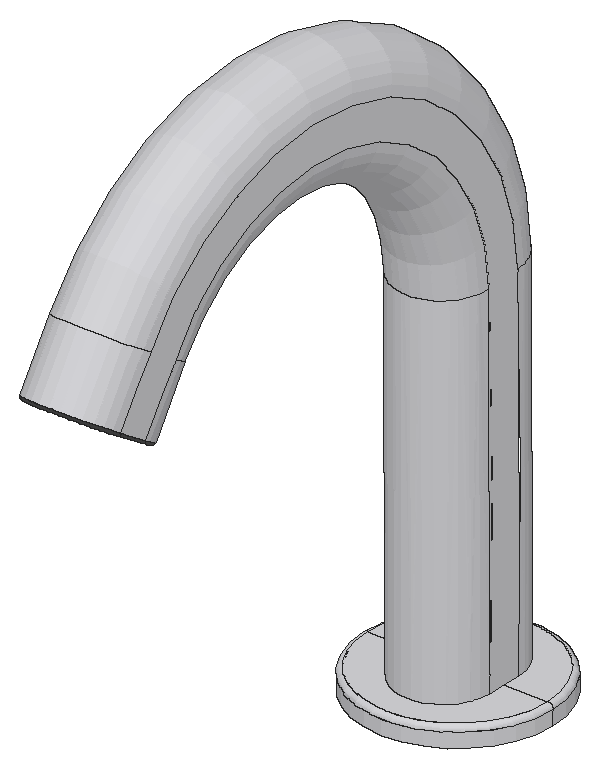
Revit family "Faucet_Touchless-Lavatory-KOHLER-Oblo-K-24270T_1", category Plumbing Fixtures, host Face, Revit 2021
Family settings
  Host = Face
  Round Connector Dimension = Use Diameter
  Part Type = Normal
  OmniClass Number = 23.31.11.00
  OmniClass Title = Faucets
  Cut with Voids When Loaded = No
  Shared = No
  Room Calculation Point = No
Parameters (values of type "0.5 GPM, CP-Polished Chrome")
  Width = 2 73/256"  # constant formula
  WaterSense Certified = 1 = 0  # no
  Waste Water Outlet = "Waste Water Outlet"  # constant formula
  Waste Connection = 1 = 0  # no
  Voltage = 220 V  # constant formula
  Vent Connection = 1 = 0  # no
  URL = "http://www.kohler.com.cn/"
  Type = 1
  Spout Reach = 5 35/64"  # constant formula
  Product Page URL = ""
  Product Name = "Oblo"  # constant formula
  Product Documentation Link = ""
  Pressure = 0.00 psi
  Model = if(Type = 1, "K-24270T-NW-CP", if(Type = 2, "K-24270T-NWS3-CP", if(Type = 3, "K-24270T-NWS5-CP", "NA")))  # "K-24270T-NW-CP"
  Material = "Premium Metal Construction"  # constant formula
  Master Format 2014 Name = "Residential Faucets, Supplies, and Trim"  # constant formula
  Master Format 2014 = "22 41 39"  # constant formula
  Manufacturer Address = "Kohler Beijing Office (100016)36-2-03-B, No. 88, Liuxiang Road, Beijing"  # constant formula
  Manufacturer = "Kohler Co."  # constant formula
  Length = Spout Reach  # 5 35/64"
  Hot Water Inlet = "Hot Water Inlet"  # constant formula
  Height = 8 23/256"  # constant formula
  HW Connection = 1 = 0  # no
  Flow Rate = if(or(Type = 1), 0.5 GPM, if(or(Type = 2), 0.35 GPM, 0.26 GPM))  # 0.5 GPM
  Finish = Kohler-Metal-CP-Polished_Chrome
  Environmental Product Declaration = ""
  Electrical Note = "One Dedicated Circuit Required"  # constant formula
  Electrical Connector = 1 = 1  # yes
  Drain Included = 1 = 1  # yes
  Description = if(or(Type = 1), "Deck Mount Sensor Faucet Cold 0.5 GPM SP", if(or(Type = 2), "Deck Mount Sensor Faucet Cold 0.35 GPM SP", if(or(Type = 3), "Deck Mount Sensor Faucet Cold 0.26 GPM SP", "NA")))  # "Deck Mount Sensor Faucet Cold 0.5 GPM SP"
  Default Elevation = 36"
  Declare Label = ""
  Date Modified = "12/08/2022"  # constant formula
  Date Created = "12/08/2022"  # constant formula
  Copyright = "Copyright Kohler Co."  # constant formula
  Contact Us = "http://www.kohler.com.cn/contact/contact-us/"
  Cold Water Inlet = "Cold Water Inlet"  # constant formula
  CW Connection = 1 = 1  # yes
  Assembly Code = "D2010"
  Apparent Load = 0 VA
  ADA Compliant = 1 = 0  # no
Types (4): name | Type | Model | Flow Rate | Description
  (no name) | 1 | "K-24270T-NW-CP" | 0.5 GPM | "Deck Mount Sensor Faucet Cold 0.5 GPM SP"
  0.5 GPM, CP-Polished Chrome | 1 | "K-24270T-NW-CP" | 0.5 GPM | "Deck Mount Sensor Faucet Cold 0.5 GPM SP"
  0.35 GPM, CP-Polished Chrome | 2 | "K-24270T-NWS3-CP" | 0.35 GPM | "Deck Mount Sensor Faucet Cold 0.35 GPM SP"
  0.26 GPM, CP-Polished Chrome | 3 | "K-24270T-NWS5-CP" | 0.26 GPM | "Deck Mount Sensor Faucet Cold 0.26 GPM SP"
Reference planes
  plane 1 "Center (Front/Back)": y = 0
  plane 2: z = 0
  plane 3 "Center (Left/Right)": x = 0
  plane 4: x = 29
  plane 5: x = -29.043
  plane 6: y = -156.78
  plane 7: y = 29
  plane 8: z = 205.482
  plane 9: z = 134.418
  plane 10: z = 6
  plane 11: through (0, -160.282, 147.042) normal (0, -0.5446, -0.8387)
  plane 12: y = -140.891
  plane 13: y = -29
  plane 14: x = -14
  plane 15: x = 14
  plane 16: y = 19.75
  plane 17: y = -19.75
  plane 18: y = 14.129
Dimensions and locks
  "Width": plane 4 to plane 5
  "Height": plane 8 to level
  plane 10 to level = 0.23622"
  "Length": plane 1 "Center (Front/Back)" to plane 12
  plane 9 to level = 5.29204"
  plane 6 to plane 1 "Center (Front/Back)" = 6.17244"
  plane 14 to plane 15 = 1.10236"
  plane 13 to plane 7 = 2.28346"
  plane 16 to plane 17 = 1.55512"
  aligned and locked: plane 2 to host face
  aligned and locked: level to host face
  aligned and locked: plane 3 "Center (Left/Right)" to nested 1
  aligned and locked: plane 1 "Center (Front/Back)" to nested 1
Automatic sketch dimensions
  host sketch curve to host sketch curve = 96"  (x2)
Nested families
  nested 1: "K-24270T" at (0, 0, 0), type "K-24270T"
Connectors
  piping at (0, 0, 0), diameter 12.7, driven by "Flow Rate", driven by "Pressure", driven by "CW Connection", driven by "Cold Water Inlet"
    settings: on nested 1, index 1, connector inside diameter 24", connector length 0", flow factor 0, pipe flow 0.5 GPM, pressure drop 0.00 psi, fitting loss kfactor 0, connector angle 0.00°, fixture units 0, engagement length 0", angle of deflection 0.00°, flow configuration 1, flow direction 1, fitting loss method 0, system type 20, joint type 0, gender type 0, connector reference index -1, connector utility 1, adjustable connector no, is connector primary yes, connector description "Cold Water Inlet"
  electrical at (0, 14.129, 0), driven by "Voltage", driven by "Electrical Connector", driven by "Electrical Note"
    settings: on nested 1, index 2, voltage 220 V, apparent load 0 VA, apparent load phase1 0 VA, apparent load phase2 0 VA, apparent load phase3 0 VA, power factor 1, load classification "Power", number of poles 1, system type 30, power factor state 1, is connector primary yes, connector utility yes, sub classification motor no, connector description "One Dedicated Circuit Required"
Definition of nested family "K-24270T"
  Parameters
    Material = none
    Default Elevation = 0"
  Reference planes
    plane 1 "Center (Front/Back)": y = 0
    plane 2: z = 0
    plane 3 "Center (Left/Right)": x = 0
    plane 4: y = -29
    plane 5: y = 29
    plane 6: x = 29
    plane 7: x = -29
    plane 8: y = -140.9
    plane 9: z = 6
    plane 10: y = -156.78
    plane 11: z = 205.47
    plane 12: through (0, -140.9, 135.47) normal (0, -0.8387, 0.5446)
    plane 13: through (0, -140.9, 134.455) normal (0, 0.5446, 0.8387)
    plane 14 "A": through (0, -140.9, 134.473) normal (0, 0.5446, 0.8387)
    plane 15: through (0, -138.161, 138.505) normal (0, -0.8387, 0.5446)
    plane 16: z = 134.418
    plane 17: y = -19.75
    plane 18: y = 19.75
    plane 19: x = 14
    plane 20: x = -14
    plane 21: through (0, -140.9, 135.47) normal (0, -0.8387, 0.5446)
    plane 22: through (0, -140.9, 134.455) normal (0, 0.5446, 0.8387)
    plane 23: z = 115.946
    plane 24: y = 14.129
  Forms (mm)
    Revolve 1, solid, material <- "Material", detail levels medium+fine
      sketch origin (0, 0, 0) x (1, 0, 0) y (0, 0, 1)
        loop
          arc (29, 4.4) -> (28.531, 5.531) -> (27.4, 6) r 1.6
          line (27.4, 6) -> (0, 6) -> (0, 0) -> (29, 0) -> (29, 4.4)
        axis (0, 0) -> (0, 6)
      angle from 0 to 360
    Sweep 2, solid, material <- "Material", detail levels medium+fine
      path origin (0, 0, 0) x (0, 1, 0) y (0, 0, 1)
        loop
          line (-140.9, 135.47) -> (-129.675, 152.755)
          arc (-129.675, 152.755) -> (-51.685, 182.309) -> (-0.038, 116.823) r 70.53
          arc (-0.038, 116.823) -> (0.998, 60.054) -> (0.11, 3.282) r 1675.956
      profile origin (0, -51.685, 182.309) x (0, 0.267106, 0.963667) y (1, 0, 0)
        loop
          arc (-5.632, 13.972) -> (-19.604, 0) -> (-5.632, -13.972) r 13.972
          line (-5.632, -13.972) -> (5.632, -13.972)
          arc (5.632, -13.972) -> (19.604, 0) -> (5.632, 13.972) r 13.972
          line (5.632, 13.972) -> (-5.632, 13.972)
    Sweep 3, solid, detail levels medium+fine
      path origin (0, 19.628, 30.224) x (0, 0.838671, -0.544639) y (-1, 0, 0)
        loop
          line (-197.583, -13.972) -> (-186.319, -13.972)
          arc (-186.319, -13.972) -> (-172.347, 0) -> (-186.319, 13.972) r 13.972
          line (-186.319, 13.972) -> (-197.583, 13.972)
          arc (-197.583, 13.972) -> (-211.555, 0) -> (-197.583, -13.972) r 13.972
      profile origin (0, -157.797, 145.446) x (0, -0.838671, 0.544639) y (0, 0.544639, 0.838671)
        loop
          line (-1.06, 0.837) -> (-0.897, 0)
          arc (-0.897, 0) -> (-0.283, 0.242) -> (0.001, 0.837) r 0.9
          line (0.001, 0.837) -> (-1.06, 0.837)
    Extrusion 4, solid, detail levels medium+fine
      sketch origin (0, 19.628, 30.224) x (0, 0.838671, -0.544639) y (-1, 0, 0)
        loop
          arc (-189.617, 1.108) -> (-189.703, 0.091) -> (-189.637, -0.927) r 6.883
          line (-189.637, -0.927) -> (-188.407, -0.927)
          arc (-188.407, -0.927) -> (-188.512, 0.091) -> (-188.407, 1.108) r 4.965
          line (-188.407, 1.108) -> (-189.617, 1.108)
        loop
          arc (-187.158, -5.32) -> (-186.32, -5.903) -> (-185.405, -6.355) r 6.883
          line (-185.405, -6.355) -> (-184.79, -5.289)
          arc (-184.79, -5.289) -> (-185.724, -4.872) -> (-186.553, -4.271) r 4.965
          line (-186.553, -4.271) -> (-187.158, -5.32)
        loop
          arc (-180.361, -6.404) -> (-179.438, -5.97) -> (-178.588, -5.404) r 6.883
          line (-178.588, -5.404) -> (-179.204, -4.338)
          arc (-179.204, -4.338) -> (-180.032, -4.938) -> (-180.966, -5.356) r 4.965
          line (-180.966, -5.356) -> (-180.361, -6.404)
        loop
          arc (-176.024, -1.06) -> (-175.938, -0.043) -> (-176.004, 0.975) r 6.883
          line (-176.004, 0.975) -> (-177.234, 0.975)
          arc (-177.234, 0.975) -> (-177.129, -0.042) -> (-177.234, -1.06) r 4.965
          line (-177.234, -1.06) -> (-176.024, -1.06)
        loop
          arc (-178.483, 5.368) -> (-179.321, 5.951) -> (-180.236, 6.403) r 6.883
          line (-180.236, 6.403) -> (-180.851, 5.338)
          arc (-180.851, 5.338) -> (-179.917, 4.92) -> (-179.088, 4.32) r 4.965
          line (-179.088, 4.32) -> (-178.483, 5.368)
        loop
          arc (-185.228, 6.472) -> (-186.155, 6.046) -> (-187.009, 5.486) r 6.883
          line (-187.009, 5.486) -> (-186.386, 4.407)
          arc (-186.386, 4.407) -> (-185.557, 5.008) -> (-184.623, 5.425) r 4.965
          line (-184.623, 5.425) -> (-185.228, 6.472)
      from 0 to 0.837
    Extrusion 5, solid, detail levels medium+fine
      sketch origin (0, 19.628, 30.224) x (0, 0.838671, -0.544639) y (-1, 0, 0)
        loop
          circle (-182.821, 0.024) r 5.692
      from 0 to 0.837
    Extrusion 6, solid, detail levels medium+fine
      sketch origin (0, 19.628, 30.224) x (0, 0.838671, -0.544639) y (-1, 0, 0)
        loop
          arc (-192.409, 9.009) -> (-192.862, 9.751) -> (-193.681, 10.042) r 1.299
          line (-193.681, 10.042) -> (-197.164, 10.042)
          arc (-197.164, 10.042) -> (-207.164, 0.042) -> (-197.164, -9.958) r 10
          line (-197.164, -9.958) -> (-193.572, -9.958)
          arc (-193.572, -9.958) -> (-192.746, -9.661) -> (-192.296, -8.907) r 1.3
          arc (-192.296, -8.907) -> (-191.456, 0.056) -> (-192.409, 9.009) r 45.204
      from 0 to 0.837
    Extrusion 7, solid, material <- "Material", detail levels medium+fine
      sketch origin (0, 0, 0) x (1, 0, 0) y (0, 1, 0)
        loop
          circle (0, 0) r 6.35
      from 0 to 1.448
    Extrusion 8, solid, material <- "Material", detail levels coarse
      sketch origin (0, 0, 0) x (1, 0, 0) y (0, 1, 0)
        loop
          circle (0, 0) r 29
      from 0 to 6
    Extrusion 9, void
      sketch origin (0, -90.174, -48.561) x (1, 0, 0) y (0, 0.838671, -0.544639)
        loop
          circle (-0.024, -133.698) r 3.5
      from 123.604 to 126.291
    Extrusion 10, solid, detail levels medium+fine
      sketch origin (0, 19.628, 30.224) x (0, 0.838671, -0.544639) y (-1, 0, 0)
        loop
          arc (-197.164, 10.042) -> (-207.164, 0.042) -> (-197.164, -9.958) r 10
          line (-197.164, -9.958) -> (-193.572, -9.958)
          arc (-193.572, -9.958) -> (-192.746, -9.661) -> (-192.296, -8.907) r 1.3
          arc (-192.296, -8.907) -> (-191.456, 0.056) -> (-192.409, 9.009) r 45.204
          arc (-192.409, 9.009) -> (-192.862, 9.751) -> (-193.681, 10.042) r 1.299
          line (-193.681, 10.042) -> (-197.164, 10.042)
        loop
          arc (-197.583, 13.075) -> (-210.658, 0) -> (-197.583, -13.075) r 13.075
          line (-197.583, -13.075) -> (-186.319, -13.075)
          arc (-186.319, -13.075) -> (-173.244, 0) -> (-186.319, 13.075) r 13.075
          line (-186.319, 13.075) -> (-197.583, 13.075)
        loop
          circle (-182.821, 0.024) r 5.692
      from 0.363 to 0.837
    Extrusion 11, solid, material <- "Material", detail levels medium+fine
      sketch origin (0, 0, 0) x (1, 0, 0) y (0, 1, 0)
        loop
          circle (0, 14.129) r 2
      from 0 to 1.448
    Sweep 12, solid, material <- "Material", detail levels coarse
      path origin (0, 0, 0) x (0, 1, 0) y (0, 0, 1)
        loop
          line (-141.356, 134.768) -> (-129.675, 152.755)
          arc (-129.675, 152.755) -> (-51.685, 182.309) -> (-0.038, 116.823) r 70.53
          arc (-0.038, 116.823) -> (0.998, 60.054) -> (0.11, 3.282) r 1675.956
      profile origin (0, -51.685, 182.309) x (0, 0.267106, 0.963667) y (1, 0, 0)
        loop
          arc (-5.632, 13.972) -> (-19.604, 0) -> (-5.632, -13.972) r 13.972
          line (-5.632, -13.972) -> (5.632, -13.972)
          arc (5.632, -13.972) -> (19.604, 0) -> (5.632, 13.972) r 13.972
          line (5.632, 13.972) -> (-5.632, 13.972)
  Cuts and joins
    Extrusion 9 cuts Revolve 1
    Extrusion 9 cuts Sweep 2
    joined: Revolve 1, Sweep 2
    Extrusion 9 cuts Extrusion 5
    joined: Sweep 3, Extrusion 10
    Extrusion 9 cuts Extrusion 4
    joined: Extrusion 8, Sweep 12
  Lines and regions (mm)
    Masking region 1
      outline origin (0, 0, 0) x (1, 0, 0) y (0, 1, 0)
        loop
          arc (13.973, -25.412) -> (0, 29) -> (-13.973, -25.412) r 29
          line (-13.973, -25.412) -> (-13.973, -145.624)
          spline (-13.973, -145.624) -> (-13.497, -148.511) -> (-12.101, -151.202) -> (-9.88, -153.512) -> (-6.986, -155.285) -> (-3.616, -156.4) -> (0, -156.78) -> (3.616, -156.4) -> (6.986, -155.285) -> (9.88, -153.512) -> (12.101, -151.202) -> (13.497, -148.511) -> (13.973, -145.624)
          line (13.973, -145.624) -> (13.973, -25.412)
    Masking region 2
      outline origin (0, 0, 0) x (1, 0, 0) y (0, 0, 1)
        loop
          arc (29, 4.423) -> (28.538, 5.538) -> (27.423, 6) r 1.577
          line (27.423, 6) -> (14, 6) -> (14, 191.384)
          arc (14, 191.384) -> (0, 205.384) -> (-14, 191.384) r 14
          line (-14, 191.384) -> (-14, 6) -> (-27.663, 6)
          arc (-27.663, 6) -> (-28.608, 5.608) -> (-29, 4.663) r 1.337
          line (-29, 4.663) -> (-29, 0) -> (29, 0) -> (29, 4.423)
    Masking region 3
      outline origin (0, 0, 0) x (0, 1, 0) y (0, 0, 1)
        loop
          line (29, 0) -> (29, 4.427)
          arc (29, 4.427) -> (28.539, 5.539) -> (27.427, 6) r 1.573
          line (27.427, 6) -> (19.75, 6) -> (19.75, 115.874)
          arc (19.75, 115.874) -> (-44.344, 201.707) -> (-144.846, 164.63) r 89.519
          line (-144.846, 164.63) -> (-156.511, 146.668)
          arc (-156.511, 146.668) -> (-156.752, 145.369) -> (-156.004, 144.281) r 1.725
          line (-156.004, 144.281) -> (-125.071, 124.193)
          arc (-125.071, 124.193) -> (-124.398, 124.068) -> (-123.834, 124.456) r 0.894
          line (-123.834, 124.456) -> (-111.684, 143.166)
          arc (-111.684, 143.166) -> (-55.549, 163.875) -> (-19.75, 115.934) r 50
          line (-19.75, 115.934) -> (-19.75, 6) -> (-27.634, 6)
          arc (-27.634, 6) -> (-28.6, 5.6) -> (-29, 4.634) r 1.366
          line (-29, 4.634) -> (-29, 0) -> (29, 0)
    symbolic lines, detail levels medium+fine
      curve 1: spline (-13.973, 0, 132.402) -> (-13.497, 0, 130.433) -> (-12.101, 0, 128.597) -> (-9.88, 0, 127.021) -> (-6.986, 0, 125.812) -> (-3.616, 0, 125.052) -> (0, 0, 124.792) -> (3.616, 0, 125.052) -> (6.986, 0, 125.812) -> (9.88, 0, 127.021) -> (12.101, 0, 128.597) -> (13.497, 0, 130.433) -> (13.973, 0, 132.402)
      curve 2: spline (13.973, 0, 138.538) -> (13.497, 0, 140.507) -> (12.101, 0, 142.343) -> (9.88, 0, 143.919) -> (6.986, 0, 145.128) -> (3.616, 0, 145.888) -> (0, 0, 146.148) -> (-3.616, 0, 145.888) -> (-6.986, 0, 145.128) -> (-9.88, 0, 143.919) -> (-12.101, 0, 142.343) -> (-13.497, 0, 140.507) -> (-13.973, 0, 138.538)
      curve 3: spline (-10.042, 0, 138.309) -> (-9.701, 0, 139.719) -> (-8.702, 0, 141.032) -> (-7.113, 0, 142.16) -> (-5.042, 0, 143.026) -> (-2.63, 0, 143.57) -> (-0.042, 0, 143.755) -> (2.546, 0, 143.57) -> (4.958, 0, 143.026) -> (7.029, 0, 142.16) -> (8.618, 0, 141.032) -> (9.617, 0, 139.719) -> (9.958, 0, 138.309)
      curve 4: line (-10.042, 0, 138.309) -> (-10.042, 0, 135.71)
      curve 5: spline (-9.009, 0, 135.018) -> (-7.533, 0, 134.864) -> (-6.048, 0, 134.737) -> (-4.556, 0, 134.637) -> (-3.059, 0, 134.564) -> (-1.559, 0, 134.518) -> (-0.056, 0, 134.499) -> (1.446, 0, 134.508) -> (2.948, 0, 134.543) -> (4.446, 0, 134.606) -> (5.94, 0, 134.696) -> (7.428, 0, 134.813) -> (8.907, 0, 134.957)
      curve 6: spline (-10.042, 0, 135.71) -> (-10.034, 0, 135.63) -> (-10.009, 0, 135.551) -> (-9.967, 0, 135.474) -> (-9.91, 0, 135.4) -> (-9.838, 0, 135.33) -> (-9.751, 0, 135.264) -> (-9.652, 0, 135.205) -> (-9.541, 0, 135.152) -> (-9.419, 0, 135.106) -> (-9.289, 0, 135.069) -> (-9.151, 0, 135.039) -> (-9.009, 0, 135.018)
      curve 7: spline (8.907, 0, 134.957) -> (9.052, 0, 134.977) -> (9.191, 0, 135.006) -> (9.324, 0, 135.043) -> (9.447, 0, 135.089) -> (9.56, 0, 135.142) -> (9.661, 0, 135.201) -> (9.749, 0, 135.267) -> (9.823, 0, 135.338) -> (9.881, 0, 135.412) -> (9.924, 0, 135.49) -> (9.949, 0, 135.57) -> (9.958, 0, 135.651)
      curve 8: line (9.958, 0, 135.651) -> (9.958, 0, 138.309)
      curve 9: spline (-5.486, 0, 132.778) -> (-5.097, 0, 133.031) -> (-4.669, 0, 133.264) -> (-4.205, 0, 133.475) -> (-3.709, 0, 133.664) -> (-3.184, 0, 133.828) -> (-2.635, 0, 133.966) -> (-2.065, 0, 134.077) -> (-1.48, 0, 134.161) -> (-0.884, 0, 134.217) -> (-0.28, 0, 134.243) -> (0.325, 0, 134.241) -> (0.927, 0, 134.21)
      curve 10: spline (0.927, 0, 134.21) -> (1.518, 0, 134.151) -> (2.096, 0, 134.064) -> (2.659, 0, 133.949) -> (3.201, 0, 133.809) -> (3.719, 0, 133.643) -> (4.208, 0, 133.454) -> (4.665, 0, 133.241) -> (5.086, 0, 133.008) -> (5.469, 0, 132.756) -> (5.809, 0, 132.487) -> (6.105, 0, 132.202) -> (6.355, 0, 131.905)
      curve 11: line (-1.108, 0, 132.838) -> (-1.108, 0, 134.199)
      curve 12: line (0.927, 0, 134.21) -> (0.927, 0, 132.838)
      curve 13: spline (0.927, 0, 132.838) -> (0.759, 0, 132.856) -> (0.59, 0, 132.87) -> (0.421, 0, 132.881) -> (0.251, 0, 132.889) -> (0.08, 0, 132.894) -> (-0.091, 0, 132.896) -> (-0.261, 0, 132.894) -> (-0.432, 0, 132.889) -> (-0.602, 0, 132.881) -> (-0.772, 0, 132.87) -> (-0.941, 0, 132.856) -> (-1.108, 0, 132.838)
      curve 14: spline (6.355, 0, 131.905) -> (6.504, 0, 131.685) -> (6.628, 0, 131.461) -> (6.725, 0, 131.232) -> (6.796, 0, 131.001) -> (6.841, 0, 130.768) -> (6.858, 0, 130.534) -> (6.849, 0, 130.3) -> (6.813, 0, 130.066) -> (6.75, 0, 129.834) -> (6.661, 0, 129.605) -> (6.545, 0, 129.379) -> (6.404, 0, 129.158)
      curve 15: line (5.32, 0, 132.86) -> (4.271, 0, 132.53)
      curve 16: line (5.289, 0, 131.57) -> (6.355, 0, 131.905)
      curve 17: spline (4.271, 0, 132.53) -> (4.383, 0, 132.459) -> (4.49, 0, 132.387) -> (4.593, 0, 132.313) -> (4.691, 0, 132.236) -> (4.784, 0, 132.158) -> (4.872, 0, 132.079) -> (4.954, 0, 131.997) -> (5.032, 0, 131.914) -> (5.105, 0, 131.83) -> (5.172, 0, 131.744) -> (5.233, 0, 131.658) -> (5.289, 0, 131.57)
      curve 18: line (6.404, 0, 129.158) -> (5.356, 0, 129.487)
      curve 19: spline (6.355, 0, 131.905) -> (6.504, 0, 131.685) -> (6.628, 0, 131.461) -> (6.725, 0, 131.232) -> (6.796, 0, 131.001) -> (6.841, 0, 130.768) -> (6.858, 0, 130.534) -> (6.849, 0, 130.3) -> (6.813, 0, 130.066) -> (6.75, 0, 129.834) -> (6.661, 0, 129.605) -> (6.545, 0, 129.379) -> (6.404, 0, 129.158)
      curve 20: line (6.404, 0, 129.158) -> (5.356, 0, 129.487)
      curve 21: line (5.32, 0, 132.86) -> (4.271, 0, 132.53)
      curve 22: spline (4.271, 0, 132.53) -> (4.383, 0, 132.459) -> (4.49, 0, 132.387) -> (4.593, 0, 132.313) -> (4.691, 0, 132.236) -> (4.784, 0, 132.158) -> (4.872, 0, 132.079) -> (4.954, 0, 131.997) -> (5.032, 0, 131.914) -> (5.105, 0, 131.83) -> (5.172, 0, 131.744) -> (5.233, 0, 131.658) -> (5.289, 0, 131.57)
      curve 23: line (5.289, 0, 131.57) -> (6.355, 0, 131.905)
      curve 24: spline (6.355, 0, 131.905) -> (6.504, 0, 131.685) -> (6.628, 0, 131.461) -> (6.725, 0, 131.232) -> (6.796, 0, 131.001) -> (6.841, 0, 130.768) -> (6.858, 0, 130.534) -> (6.849, 0, 130.3) -> (6.813, 0, 130.066) -> (6.75, 0, 129.834) -> (6.661, 0, 129.605) -> (6.545, 0, 129.379) -> (6.404, 0, 129.158)
      curve 25: line (6.404, 0, 129.158) -> (5.356, 0, 129.487)
      curve 26: spline (5.356, 0, 129.487) -> (5.3, 0, 129.4) -> (5.238, 0, 129.313) -> (5.171, 0, 129.227) -> (5.099, 0, 129.143) -> (5.021, 0, 129.06) -> (4.938, 0, 128.979) -> (4.85, 0, 128.899) -> (4.757, 0, 128.821) -> (4.659, 0, 128.745) -> (4.557, 0, 128.67) -> (4.45, 0, 128.598) -> (4.338, 0, 128.527)
      curve 27: line (4.338, 0, 128.527) -> (5.404, 0, 128.192)
      curve 28: spline (6.404, 0, 129.158) -> (6.161, 0, 128.852) -> (5.868, 0, 128.56) -> (5.529, 0, 128.282) -> (5.146, 0, 128.023) -> (4.722, 0, 127.782) -> (4.261, 0, 127.564) -> (3.766, 0, 127.368) -> (3.241, 0, 127.197) -> (2.69, 0, 127.052) -> (2.118, 0, 126.935) -> (1.528, 0, 126.845) -> (0.927, 0, 126.785)
      curve 29: spline (0.927, 0, 126.785) -> (0.34, 0, 126.754) -> (-0.249, 0, 126.751) -> (-0.836, 0, 126.775) -> (-1.418, 0, 126.826) -> (-1.989, 0, 126.905) -> (-2.546, 0, 127.009) -> (-3.085, 0, 127.14) -> (-3.601, 0, 127.294) -> (-4.091, 0, 127.473) -> (-4.551, 0, 127.673) -> (-4.978, 0, 127.895) -> (-5.368, 0, 128.135)
      curve 30: line (-5.368, 0, 128.135) -> (-4.32, 0, 128.465)
      curve 31: spline (-4.32, 0, 128.465) -> (-4.432, 0, 128.535) -> (-4.539, 0, 128.607) -> (-4.641, 0, 128.682) -> (-4.739, 0, 128.758) -> (-4.832, 0, 128.836) -> (-4.92, 0, 128.916) -> (-5.003, 0, 128.997) -> (-5.08, 0, 129.08) -> (-5.153, 0, 129.164) -> (-5.22, 0, 129.25) -> (-5.281, 0, 129.337) -> (-5.338, 0, 129.425)
      curve 32: line (-5.338, 0, 129.425) -> (-6.403, 0, 129.09)
      curve 33: spline (-5.368, 0, 128.135) -> (-5.817, 0, 128.473) -> (-6.194, 0, 128.836) -> (-6.495, 0, 129.22) -> (-6.715, 0, 129.619) -> (-6.853, 0, 130.029) -> (-6.906, 0, 130.445) -> (-6.874, 0, 130.862) -> (-6.758, 0, 131.274) -> (-6.557, 0, 131.677) -> (-6.276, 0, 132.065) -> (-5.918, 0, 132.434) -> (-5.486, 0, 132.778)
      curve 34: line (-6.472, 0, 131.808) -> (-5.425, 0, 131.479)
      curve 35: spline (-5.425, 0, 131.479) -> (-5.369, 0, 131.567) -> (-5.307, 0, 131.653) -> (-5.24, 0, 131.739) -> (-5.168, 0, 131.823) -> (-5.09, 0, 131.906) -> (-5.008, 0, 131.988) -> (-4.92, 0, 132.067) -> (-4.827, 0, 132.145) -> (-4.729, 0, 132.222) -> (-4.626, 0, 132.296) -> (-4.519, 0, 132.368) -> (-4.407, 0, 132.439)
      curve 36: line (-4.407, 0, 132.439) -> (-5.486, 0, 132.778)
      curve 37: spline (-12.911, 0, 138.538) -> (-12.471, 0, 140.358) -> (-11.182, 0, 142.054) -> (-9.13, 0, 143.51) -> (-6.456, 0, 144.628) -> (-3.342, 0, 145.33) -> (0, 0, 145.57) -> (3.342, 0, 145.33) -> (6.456, 0, 144.628) -> (9.13, 0, 143.51) -> (11.182, 0, 142.054) -> (12.471, 0, 140.358) -> (12.911, 0, 138.538)
      curve 38: line (-12.911, 0, 132.402) -> (-12.911, 0, 138.538)
      curve 39: spline (12.911, 0, 132.402) -> (12.471, 0, 130.582) -> (11.182, 0, 128.886) -> (9.13, 0, 127.43) -> (6.456, 0, 126.312) -> (3.342, 0, 125.61) -> (0, 0, 125.37) -> (-3.342, 0, 125.61) -> (-6.456, 0, 126.312) -> (-9.13, 0, 127.43) -> (-11.182, 0, 128.886) -> (-12.471, 0, 130.582) -> (-12.911, 0, 132.402)
      curve 40: line (12.911, 0, 138.538) -> (12.911, 0, 132.402)
      curve 41: line (-1.108, 0, 128.156) -> (-1.108, 0, 126.795)
      curve 42: line (0.927, 0, 126.785) -> (0.927, 0, 128.156)
      curve 43: spline (0.927, 0, 128.156) -> (0.759, 0, 128.139) -> (0.59, 0, 128.125) -> (0.421, 0, 128.113) -> (0.251, 0, 128.105) -> (0.08, 0, 128.101) -> (-0.091, 0, 128.099) -> (-0.261, 0, 128.101) -> (-0.432, 0, 128.105) -> (-0.602, 0, 128.113) -> (-0.772, 0, 128.125) -> (-0.941, 0, 128.139) -> (-1.108, 0, 128.156)
      curve 44: spline (5.668, 0, 130.504) -> (5.474, 0, 131.1) -> (4.905, 0, 131.655) -> (4.001, 0, 132.132) -> (2.822, 0, 132.498) -> (1.449, 0, 132.728) -> (-0.024, 0, 132.806) -> (-1.497, 0, 132.728) -> (-2.87, 0, 132.498) -> (-4.049, 0, 132.132) -> (-4.954, 0, 131.655) -> (-5.522, 0, 131.1) -> (-5.716, 0, 130.504) -> (-5.522, 0, 129.908) -> (-4.954, 0, 129.353) -> (-4.049, 0, 128.876) -> (-2.87, 0, 128.51) -> (-1.497, 0, 128.28) -> (-0.024, 0, 128.202) -> (1.449, 0, 128.28) -> (2.822, 0, 128.51) -> (4.001, 0, 128.876) -> (4.905, 0, 129.353) -> (5.474, 0, 129.908) -> (5.668, 0, 130.504)
      curve 45: arc (-13.973, 0, 138.538) -> (-13.98, 0, 138.428) -> (-14, 0, 138.32) r 0.889
      curve 46: arc (-14, 0, 132.824) -> (-13.98, 0, 132.614) -> (-13.973, 0, 132.402) r 3.286
      curve 47: arc (13.973, 0, 132.402) -> (13.98, 0, 132.745) -> (14, 0, 133.087) r 8.626
      curve 48: arc (14, 0, 138.001) -> (13.98, 0, 138.269) -> (13.973, 0, 138.538) r 5.319
      curve 49: line (-29, 0, 4.663) -> (28.982, 0, 4.663)
      curve 50: line (-14.091, 0, 6) -> (14.091, 0, 6)
      curve 51: line (0, 19.797, 6) -> (0, -19.749, 6)
      curve 52: line (0, 29, 4.427) -> (0, -28.984, 4.427)
      curve 53: line (0, -156.785, 145.847) -> (0, -123.838, 124.45)
      curve 54: line (0, 5.832, 6) -> (0, 5.832, 117.801)
      curve 55: line (0, -5.832, 6) -> (0, -5.832, 115.802)
      curve 56: line (0, -123.024, 151.07) -> (0, -135.59, 132.083)
      curve 57: line (0, -132.421, 158.102) -> (0, -145.074, 138.242)
      curve 58: arc (0, -132.421, 158.102) -> (0, -48.18, 189.805) -> (0, 5.832, 117.801) r 75
      curve 59: arc (0, -123.024, 151.07) -> (0, -51.319, 176.994) -> (0, -5.832, 115.802) r 63.903
      curve 60: line (0, -144.8, 164.701) -> (0, -133.071, 157.081)
      curve 61: arc (-13.971, 5.838, 0) -> (0, 19.809, 0) -> (13.971, 5.838, 0) r 13.971
      curve 62: line (-13.972, 5.838, 0) -> (-13.972, -25.412, 0)
      curve 63: line (13.972, -25.412, 0) -> (13.972, 5.838, 0)
      curve 64: line (0, -123.262, 150.707) -> (0, -111.676, 143.178)
      curve 65: line (0, 19.75, 115.946) -> (0, 5.832, 115.946)
      curve 66: line (0, -19.75, 115.946) -> (0, -5.832, 115.946)
      curve 67: line (-14, 0, 115.946) -> (14, 0, 115.946)
  Dimensions and locks
    plane 5 to plane 10 = 7.31417"
    plane 7 to plane 6 = 2.28346"  (x2)
    plane 11 to level = 8.08937"  (x2)
    plane 9 to level = 0.23622"
    plane 4 to plane 5 = 2.28346"
    plane 8 to plane 1 "Center (Front/Back)" = 5.54724"
    plane 16 to level = 5.29204"
    plane 18 to plane 17 = 1.55512"
    plane 20 to plane 19 = 1.10236"
    aligned and locked: level to plane 2
